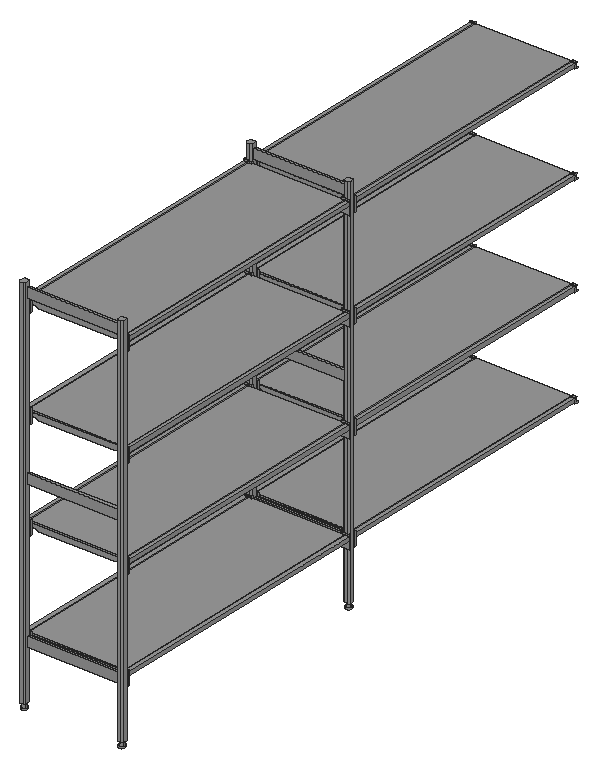
Revit family "QF_ELECTROLUXPROFESSIONAL_137087_CLS2548", category Attrezzature speciali, Revit 2020
Family settings
  Quota connettore circolare = Usa diametro
  Tipo di parte = Normale
  Basato su piano di lavoro = No
  Sempre verticale = Sì
  Taglio con vuoti quando caricato = No
  Condiviso = No
  Punto di calcolo locali = No
Parameters (values of type "Standard")
  Weight = 44.00 kg
  Watts = 0 W
  Volts = 0 V
  URL Manufacturer = "https://www.electroluxprofessional.com/"
  URL = "https://www.electroluxprofessional.com/"
  Steam Supply Size = 0 mm
  Steam Supply Minimum Pressure = 0.0 Pa
  Steam Supply Maximum Pressure = 0.0 Pa
  Steam Consumption per Hour = 0
  Refrigeration Suction Line Size = 0.0 mm
  Refrigeration Liquid Line Size = 0.0 mm
  Refrigerant Compressor Remote = yes
  Prospetto di default = 0.0 mm
  Phase = 0
  Modello = "CLS2548"
  Produttore = "Electrolux Professional"
  Length Actual = 2552.0 mm  # constant formula
  Item Number = "137087"
  Hot Water Size = 0 mm
  Height Actual = 1700.0 mm  # constant formula
  HP = "0 HP"
  Gas Size = 0 mm
  Gas KW = 0
  Gas Input Pressure = 0 W
  Direct Waste Size = 0 mm
  Descrizione = "ALUM.CORNER SHELV.-POLY.TIERS-475X2552MM"
  Depth Actual = 475.0 mm  # constant formula
  Cycle = 0 Hz
  Condensate Return Size = 0 mm
  Compressed Air Volume = 0.0 L/s
  Compressed Air Size = 0 mm
  Compressed Air Pressure = 0.0 Pa
  Cold Water Size = 0 mm
  Accessory = yes
Reference planes
  plane 1: z = 0
  plane 2 "CenterLeft": y = -535.5
  plane 3 "FRONT": y = -921.5
  plane 4 "LEFT": x = 192.5
  plane 5 "RIGHT": x = 667.5
  plane 6 "TOP": z = 1700
  plane 7: y = -889.5
  plane 8: y = 350.5
  plane 9 "Center (Left/Back)": x = 430
  plane 10: x = 256
  plane 11: x = 668
  plane 12 "FEET": z = 25
  plane 13: z = 275
  plane 14: z = 725
  plane 15: z = 1175
  plane 16: z = 1625
  plane 17 "CXLeft": y = -907.5
  plane 18 "Center (Front/Back)": y = 368.5
  plane 19 "CYFront": x = 510
  plane 20: y = 1626.5
  plane 21: y = 386.5
  plane 22 "BACK": y = 1630.5
  plane 23 "LEFT_ORIGIN": x = 158.5
  plane 24 "BACK_ORIGIN": y = 2105.5
Forms (mm)
  Extrusion 1, solid, material "QF_Aluminum"
    sketch origin (38.022, -921.5, -4.006) x (-1, 0, 0) y (0, 0, 1)
      loop
        line (-189.5, 1637.003) -> (-173.5, 1637.003) -> (-173.5, 1655) -> (-175.493, 1655) -> (-175.493, 1648.501) -> (-608.5, 1648.501) -> (-608.5, 1655) -> (-610.5, 1655) -> (-610.5, 1637.003) -> (-594.5, 1637.003) -> (-560.5, 1625) -> (-223.5, 1625) -> (-189.5, 1637.003)
      loop
        line (-189.5, 1187.003) -> (-173.5, 1187.003) -> (-173.5, 1205) -> (-175.493, 1205) -> (-175.493, 1198.501) -> (-608.5, 1198.501) -> (-608.5, 1205) -> (-610.5, 1205) -> (-610.5, 1187.003) -> (-594.5, 1187.003) -> (-560.5, 1175) -> (-223.5, 1175) -> (-189.5, 1187.003)
      loop
        line (-189.5, 737.003) -> (-173.5, 737.003) -> (-173.5, 755) -> (-175.493, 755) -> (-175.493, 748.501) -> (-608.5, 748.501) -> (-608.5, 755) -> (-610.5, 755) -> (-610.5, 737.003) -> (-594.5, 737.003) -> (-560.5, 725) -> (-223.5, 725) -> (-189.5, 737.003)
      loop
        line (-189.5, 287.003) -> (-173.5, 287.003) -> (-173.5, 305) -> (-175.493, 305) -> (-175.493, 298.501) -> (-608.5, 298.501) -> (-608.5, 305) -> (-610.5, 305) -> (-610.5, 287.003) -> (-594.5, 287.003) -> (-560.5, 275) -> (-223.5, 275) -> (-189.5, 287.003)
    from 37 to 32
  Extrusion 2, solid, material "QF_Aluminum"
    sketch origin (38.022, -921.5, 0) x (-1, 0, 0) y (0, 0, 1)
      loop
        line (-154.478, 246.005) -> (-154.478, 307.993) -> (-190.471, 307.993) -> (-190.471, 246.005) -> (-154.478, 246.005)
      loop
        line (-593.484, 246.005) -> (-593.484, 307.993) -> (-629.478, 307.993) -> (-629.478, 246.005) -> (-593.484, 246.005)
      loop
        line (-154.478, 696.005) -> (-154.478, 757.993) -> (-190.471, 757.993) -> (-190.471, 696.005) -> (-154.478, 696.005)
      loop
        line (-593.484, 696.005) -> (-593.484, 757.993) -> (-629.478, 757.993) -> (-629.478, 696.005) -> (-593.484, 696.005)
      loop
        line (-154.478, 1146.005) -> (-154.478, 1207.993) -> (-190.471, 1207.993) -> (-190.471, 1146.005) -> (-154.478, 1146.005)
      loop
        line (-593.484, 1146.005) -> (-593.484, 1207.993) -> (-629.478, 1207.993) -> (-629.478, 1146.005) -> (-593.484, 1146.005)
      loop
        line (-154.478, 1596.005) -> (-154.478, 1657.993) -> (-190.471, 1657.993) -> (-190.471, 1596.005) -> (-154.478, 1596.005)
      loop
        line (-593.484, 1596.005) -> (-593.484, 1657.993) -> (-629.478, 1657.993) -> (-629.478, 1596.005) -> (-593.484, 1596.005)
    from 28 to 32
  Extrusion 3, solid, material "QF_Aluminum"
    sketch origin (38.022, -921.5, 0) x (-1, 0, 0) y (0, 0, 1)
      loop
        line (-154.5, 1650.994) -> (-173.5, 1650.994) -> (-173.5, 1632.998) -> (-154.5, 1632.998) -> (-154.5, 1650.994)
      loop
        line (-154.5, 1200.994) -> (-173.5, 1200.994) -> (-173.5, 1182.998) -> (-154.5, 1182.998) -> (-154.5, 1200.994)
      loop
        line (-154.5, 750.994) -> (-173.5, 750.994) -> (-173.5, 732.998) -> (-154.5, 732.998) -> (-154.5, 750.994)
      loop
        line (-154.5, 300.994) -> (-173.5, 300.994) -> (-173.5, 282.998) -> (-154.5, 282.998) -> (-154.5, 300.994)
      loop
        line (-629.455, 1650.994) -> (-629.455, 1632.998) -> (-610.455, 1632.998) -> (-610.455, 1650.994) -> (-629.455, 1650.994)
      loop
        line (-629.455, 1200.994) -> (-629.455, 1182.998) -> (-610.455, 1182.998) -> (-610.455, 1200.994) -> (-629.455, 1200.994)
      loop
        line (-629.455, 750.994) -> (-629.455, 732.998) -> (-610.455, 732.998) -> (-610.455, 750.994) -> (-629.455, 750.994)
      loop
        line (-629.455, 300.994) -> (-629.455, 282.998) -> (-610.455, 282.998) -> (-610.455, 300.994) -> (-629.455, 300.994)
    from 32 to 1272
  Extrusion 4, solid, material "QF_Polyethylene"
    sketch origin (38.022, -921.5, 0) x (-1, 0, 0) y (0, 0, 1)
      loop
        line (-175.493, 1650.994) -> (-608.5, 1650.994) -> (-608.5, 1644.496) -> (-175.493, 1644.496) -> (-175.493, 1650.994)
      loop
        line (-175.493, 1200.994) -> (-608.5, 1200.994) -> (-608.5, 1194.496) -> (-175.493, 1194.496) -> (-175.493, 1200.994)
      loop
        line (-175.493, 750.994) -> (-608.5, 750.994) -> (-608.5, 744.496) -> (-175.493, 744.496) -> (-175.493, 750.994)
      loop
        line (-175.493, 300.994) -> (-608.5, 300.994) -> (-608.5, 294.496) -> (-175.493, 294.496) -> (-175.493, 300.994)
    from 32 to 1272
  Extrusion 5, solid, material "QF_Aluminum"
    sketch origin (38.022, 684.5, 0) x (-1, 0, 0) y (0, 0, 1)
      loop
        line (-154.5, 1650.994) -> (-173.5, 1650.994) -> (-173.5, 1632.998) -> (-154.5, 1632.998) -> (-154.5, 1650.994)
      loop
        line (-610.455, 1650.994) -> (-629.455, 1650.994) -> (-629.455, 1632.998) -> (-610.455, 1632.998) -> (-610.455, 1650.994)
      loop
        line (-154.5, 1200.994) -> (-173.5, 1200.994) -> (-173.5, 1182.998) -> (-154.5, 1182.998) -> (-154.5, 1200.994)
      loop
        line (-610.455, 1200.994) -> (-629.455, 1200.994) -> (-629.455, 1182.998) -> (-610.455, 1182.998) -> (-610.455, 1200.994)
      loop
        line (-154.5, 750.994) -> (-173.5, 750.994) -> (-173.5, 732.998) -> (-154.5, 732.998) -> (-154.5, 750.994)
      loop
        line (-610.455, 750.994) -> (-629.455, 750.994) -> (-629.455, 732.998) -> (-610.455, 732.998) -> (-610.455, 750.994)
      loop
        line (-154.5, 300.994) -> (-173.5, 300.994) -> (-173.5, 282.998) -> (-154.5, 282.998) -> (-154.5, 300.994)
      loop
        line (-610.455, 300.994) -> (-629.455, 300.994) -> (-629.455, 282.998) -> (-610.455, 282.998) -> (-610.455, 300.994)
    from 942 to -298
  Extrusion 6, solid, material "QF_Polyethylene"
    sketch origin (38.022, 684.5, 0) x (-1, 0, 0) y (0, 0, 1)
      loop
        line (-175.493, 1650.994) -> (-608.5, 1650.994) -> (-608.5, 1644.496) -> (-175.493, 1644.496) -> (-175.493, 1650.994)
      loop
        line (-175.493, 1200.994) -> (-608.5, 1200.994) -> (-608.5, 1194.496) -> (-175.493, 1194.496) -> (-175.493, 1200.994)
      loop
        line (-175.493, 750.994) -> (-608.5, 750.994) -> (-608.5, 744.496) -> (-175.493, 744.496) -> (-175.493, 750.994)
      loop
        line (-175.493, 300.994) -> (-608.5, 300.994) -> (-608.5, 294.496) -> (-175.493, 294.496) -> (-175.493, 300.994)
    from 942 to -298
Lines and regions (mm)
  symbolic lines
    curve 1: line (256, -912.5, 1700) -> (668, -912.5, 1700)
    curve 2: line (668, -902.5, 1700) -> (256, -902.5, 1700)
    curve 3: line (192.5, -893.5, 1700) -> (192.5, 354.5, 1700)
    curve 4: line (667.5, -889.5, 1700) -> (667.5, 350.5, 1700)
    curve 5: line (192.5, 382.5, 1700) -> (192.5, 1630.5, 1700)
    curve 6: line (667.5, 382.5, 1700) -> (667.5, 1630.5, 1700)
    curve 7: line (648.478, 350.5, 1700) -> (648.478, -889.5, 1700)
    curve 8: line (211.522, -889.5, 1700) -> (211.522, 350.5, 1700)
    curve 9: line (211.522, 386.5, 1700) -> (211.522, 1626.5, 1700)
    curve 10: line (648.478, 1626.5, 1700) -> (648.478, 386.5, 1700)
Dimensions and locks
  plane 3 "FRONT" to plane 2 "CenterLeft" = 386.0 mm
  locked: plane 6 "TOP" to level at 1700
  locked: plane 7 to plane 8 at 1240
  locked: plane 10 to plane 11 at 412
  plane 10 to plane 9 "Center (Left/Back)" to plane 11 = 174.0 mm, 238.0 mm
  equal spacing: plane 4 "LEFT", plane 9 "Center (Left/Back)", plane 5 "RIGHT"
  plane 12 "FEET" to level = 25.0 mm
  plane 6 "TOP" to plane 12 "FEET" = 1675.0 mm
  plane 13 to plane 12 "FEET" = 250.0 mm
  plane 14 to plane 13 = 450.0 mm
  plane 15 to plane 14 = 450.0 mm
  plane 16 to plane 15 = 450.0 mm
  locked: plane 21 to plane 20 at 1240
  locked: plane 8 to plane 18 "Center (Front/Back)" at 18
  locked: plane 18 "Center (Front/Back)" to plane 21 at 18
  locked: plane 3 "FRONT" to plane 7 at 32
  locked: plane 4 "LEFT" to plane 5 "RIGHT" at 475
  locked: plane 23 "LEFT_ORIGIN" to plane 5 "RIGHT" at 509
  locked: plane 22 "BACK" to plane 24 "BACK_ORIGIN" at 475
  locked: plane 22 "BACK" to plane 3 "FRONT" at 2552
  aligned and locked: level to plane 1
  aligned and locked: Extrusion 1 to plane 7
  aligned and locked: plane 7 to Extrusion 2
  aligned and locked: Extrusion 4 to plane 7
  aligned and locked: plane 8 to Extrusion 4
  aligned and locked: Extrusion 3 to plane 7
  aligned and locked: plane 8 to Extrusion 3
  aligned and locked: Extrusion 1 sketch curve to Extrusion 1 sketch curve  (x3)
  aligned and locked: Extrusion 5 sketch curve to Extrusion 5 sketch curve  (x2)
  aligned and locked: Extrusion 5 to plane 21  (x5)
  aligned and locked: Extrusion 6 to plane 21  (x5)
  aligned and locked: nested 2 to plane 18 "Center (Front/Back)"
  aligned and locked: plane 17 "CXLeft" to nested 1
  aligned and locked: plane 7 to Extrusion 3  (x3)
  aligned and locked: Extrusion 3 to plane 8  (x4)
  aligned and locked: Extrusion 4 to plane 8  (x4)
  aligned and locked: plane 20 to Extrusion 5
  aligned and locked: plane 20 to Extrusion 6
  aligned and locked: Extrusion 5 to plane 20  (x3)
  aligned and locked: Extrusion 6 to plane 20  (x3)
  aligned and locked: plane 9 "Center (Left/Back)" to nested 2
  aligned and locked: nested 3 to plane 22 "BACK"
Automatic sketch dimensions
  Extrusion 1 sketch curve to plane 19 "CYFront" = 138.522 mm  (x4)
  plane 11 to Extrusion 1 sketch curve = 35.478 mm  (x4)
  Extrusion 1 sketch curve to plane 13 = 4.006 mm
  Extrusion 1 sketch curve to Extrusion 1 sketch curve = 34.0 mm  (x4)
  Extrusion 1 sketch curve to plane 14 = 4.006 mm
  Extrusion 1 sketch curve to plane 15 = 4.006 mm
  Extrusion 1 sketch curve to plane 16 = 4.006 mm
  Extrusion 1 sketch curve to plane 10 = 5.522 mm  (x4)
  plane 10 to Extrusion 1 sketch curve = 28.478 mm  (x4)
  plane 13 to Extrusion 1 sketch curve = 7.998 mm  (x2)
  Extrusion 1 sketch curve to Extrusion 1 sketch curve = 11.498 mm  (x4)
  Extrusion 1 sketch curve to Extrusion 1 sketch curve = 6.499 mm  (x8)
  plane 14 to Extrusion 1 sketch curve = 7.998 mm  (x2)
  plane 15 to Extrusion 1 sketch curve = 7.998 mm  (x2)
  plane 16 to Extrusion 1 sketch curve = 7.998 mm  (x2)
  plane 5 "RIGHT" to Extrusion 2 sketch curve = 35.993 mm  (x4)
  Extrusion 2 sketch curve to plane 4 "LEFT" = 0.0 mm  (x4)
  plane 11 to Extrusion 2 sketch curve = 0.5 mm  (x4)
  plane 10 to Extrusion 2 sketch curve = 27.507 mm  (x4)
  Extrusion 2 sketch curve to plane 13 = 28.995 mm  (x2)
  plane 13 to Extrusion 2 sketch curve = 32.993 mm  (x2)
  Extrusion 2 sketch curve to plane 14 = 28.995 mm  (x2)
  plane 14 to Extrusion 2 sketch curve = 32.993 mm  (x2)
  Extrusion 2 sketch curve to plane 15 = 28.995 mm  (x2)
  plane 15 to Extrusion 2 sketch curve = 32.993 mm  (x2)
  Extrusion 2 sketch curve to plane 16 = 28.995 mm  (x2)
  plane 16 to Extrusion 2 sketch curve = 32.993 mm  (x2)
  plane 13 to Extrusion 4 sketch curve = 19.496 mm
  Extrusion 4 sketch curve to Extrusion 4 sketch curve = 6.499 mm  (x4)
  plane 14 to Extrusion 4 sketch curve = 19.496 mm
  plane 15 to Extrusion 4 sketch curve = 19.496 mm
  plane 16 to Extrusion 4 sketch curve = 19.496 mm
  plane 5 "RIGHT" to Extrusion 5 sketch curve = 0.022 mm  (x4)
  Extrusion 5 sketch curve to plane 4 "LEFT" = 19.022 mm  (x4)
  Extrusion 5 sketch curve to plane 19 "CYFront" = 138.478 mm  (x2)
  plane 13 to Extrusion 5 sketch curve = 7.998 mm  (x2)
  Extrusion 5 sketch curve to Extrusion 5 sketch curve = 17.997 mm  (x8)
  plane 14 to Extrusion 5 sketch curve = 7.998 mm  (x2)
  plane 15 to Extrusion 5 sketch curve = 7.998 mm  (x2)
  plane 16 to Extrusion 5 sketch curve = 7.998 mm  (x2)
  Extrusion 6 sketch curve to plane 19 "CYFront" = 136.522 mm  (x4)
  plane 13 to Extrusion 6 sketch curve = 19.496 mm
  Extrusion 6 sketch curve to Extrusion 6 sketch curve = 6.499 mm  (x4)
  plane 14 to Extrusion 6 sketch curve = 19.496 mm
  plane 15 to Extrusion 6 sketch curve = 19.496 mm
  plane 16 to Extrusion 6 sketch curve = 19.496 mm
  plane 5 "RIGHT" to Extrusion 3 sketch curve = 0.022 mm  (x4)
  Extrusion 3 sketch curve to Extrusion 3 sketch curve = 19.0 mm  (x4)
  plane 14 to Extrusion 3 sketch curve = 7.998 mm  (x2)
  plane 10 to Extrusion 3 sketch curve = 44.478 mm  (x4)
  Extrusion 3 sketch curve to plane 4 "LEFT" = 0.022 mm  (x4)
  plane 13 to Extrusion 3 sketch curve = 25.994 mm  (x2)
  plane 13 to Extrusion 3 sketch curve = 7.998 mm  (x2)
  Extrusion 3 sketch curve to Extrusion 3 sketch curve = 17.997 mm  (x6)
  plane 15 to Extrusion 3 sketch curve = 7.998 mm  (x2)
  plane 16 to Extrusion 3 sketch curve = 7.998 mm  (x2)
  plane 10 to Extrusion 1 sketch curve = 42.484 mm  (x4)
  plane 10 to Extrusion 1 sketch curve = 44.478 mm  (x2)
  Extrusion 1 sketch curve to Extrusion 1 sketch curve = 1.993 mm  (x2)
  plane 10 to Extrusion 4 sketch curve = 42.484 mm  (x4)
  Extrusion 5 sketch curve to plane 4 "LEFT" = 0.022 mm  (x4)
  plane 10 to Extrusion 6 sketch curve = 42.484 mm  (x4)
  Extrusion 1 sketch curve to Extrusion 1 sketch curve = 2.0 mm
  plane 5 "RIGHT" to Extrusion 4 sketch curve = 20.978 mm  (x4)
  curve 1 to plane 11 = 0.0 mm
  curve 1 to plane 10 = 0.0 mm
  curve 2 to plane 10 = 0.0 mm
  curve 2 to plane 11 = 0.0 mm
  curve 3 to plane 4 "LEFT" = 0.0 mm
  curve 4 to plane 5 "RIGHT" = 0.0 mm
  plane 7 to curve 4 = 0.0 mm
  plane 7 to curve 8 = 0.0 mm
  plane 8 to curve 8 = 0.0 mm
  plane 8 to curve 7 = 0.0 mm
  plane 8 to curve 4 = 0.0 mm
  curve 5 to plane 4 "LEFT" = 0.0 mm
  curve 6 to plane 5 "RIGHT" = 0.0 mm
  plane 20 to curve 9 = 0.0 mm
  plane 22 "BACK" to curve 5 = 0.0 mm
  plane 22 "BACK" to curve 6 = 0.0 mm
  plane 7 to curve 3 = 4.0 mm
  plane 17 "CXLeft" to curve 2 = 5.0 mm
  curve 1 to plane 17 "CXLeft" = 5.0 mm
  curve 3 to plane 8 = 4.0 mm
  curve 6 to plane 21 = 4.0 mm
  curve 9 to plane 4 "LEFT" = 19.022 mm
  curve 8 to plane 4 "LEFT" = 19.022 mm
  curve 9 to plane 21 = 0.0 mm
  plane 21 to curve 10 = 0.0 mm
  curve 5 to plane 21 = 4.0 mm
  plane 7 to curve 7 = 0.0 mm
  curve 4 to curve 7 = 19.022 mm
  plane 20 to curve 10 = 0.0 mm
  plane 5 "RIGHT" to curve 10 = 19.022 mm
Nested families
  nested 1: "WT_Anta475" at (215.5, -504.5, 0) x (0, 1, 0) z (0, 0, 1), type "WT_Anta475"
  nested 2: "WT_Anta475Center" at (215.5, 771.5, 0) x (0, 1, 0) z (0, 0, 1), type "WT_Anta475Center"
  nested 3: "WT_Aggancio475" at (215.5, 2038.5, 0) x (0, 1, 0) z (0, 0, 1), type "WT_Aggancio475"
Definition of nested family "WT_Anta475"
  Parameters
    WidthLeft = A + 64.0 mm  # 772.0 mm
    Width = 1606.0 mm
    Right = WidthLeft / 2  # 386.0 mm
    Default Elevation = 0.0 mm
    Left = -WidthLeft / 2  # -386.0 mm
    Height = 1725.0 mm
    FEET = 25.0 mm
    E = 0.0 mm
    Dint = Depth - 63.0 mm  # 412.0 mm
    Dext = Depth - 8.0 mm  # 467.0 mm
    Depth = 475.0 mm
    DX = (WidthLeft - A) / 2  # 32.0 mm
    B = 798.0 mm
    A = 708.0 mm
  Reference planes
    plane 1: z = 0
    plane 2 "LEFT": x = -417
    plane 3 "BACK": y = 23
    plane 4 "FRONT": y = -452
    plane 5 "TOP": z = 1725
    plane 6 "Center (Front/Back)": y = -214.5
    plane 7: y = -8.5
    plane 8: y = -420.5
    plane 9 "FEET": z = 25
    plane 10: z = 275
    plane 11: z = 725
    plane 12: z = 1175
    plane 13: z = 1625
    plane 14 "CXLeft": x = -403
    plane 15: y = 5.5
    plane 16 "CYBack": y = 5.5
    plane 17 "CYFront": y = -434.5
    plane 18: x = -385.031
    plane 19: x = -380.031
  Forms (mm)
    Extrusion 1, solid
      sketch origin (0, 0, 0) x (1, 0, 0) y (0, 1, 0)
        loop
          line (-417, 13.246) -> (-417, -2.246) -> (-410.746, -8.5) -> (-395.254, -8.5) -> (-389, -2.246) -> (-389, 13.246) -> (-395.254, 19.5) -> (-410.746, 19.5) -> (-417, 13.246)
      from 1725 to 25
    Extrusion 2, solid
      sketch origin (-417, 0, 0) x (0, 1, 0) y (0, 0, 1)
        loop
          line (23, 246.005) -> (23, 307.993) -> (-12.993, 307.993) -> (-12.993, 246.005) -> (23, 246.005)
        loop
          line (-452, 246.005) -> (-416.007, 246.005) -> (-416.007, 307.993) -> (-452, 307.993) -> (-452, 246.005)
        loop
          line (23, 696.005) -> (23, 757.993) -> (-12.993, 757.993) -> (-12.993, 696.005) -> (23, 696.005)
        loop
          line (-452, 696.005) -> (-416.007, 696.005) -> (-416.007, 757.993) -> (-452, 757.993) -> (-452, 696.005)
        loop
          line (23, 1146.005) -> (23, 1207.993) -> (-12.993, 1207.993) -> (-12.993, 1146.005) -> (23, 1146.005)
        loop
          line (-452, 1146.005) -> (-416.007, 1146.005) -> (-416.007, 1207.993) -> (-452, 1207.993) -> (-452, 1146.005)
        loop
          line (23, 1596.005) -> (23, 1657.993) -> (-12.993, 1657.993) -> (-12.993, 1596.005) -> (23, 1596.005)
        loop
          line (-452, 1596.005) -> (-416.007, 1596.005) -> (-416.007, 1657.993) -> (-452, 1657.993) -> (-452, 1596.005)
      from 28 to 32
    Revolve 3, solid
      sketch origin (-403, 0, 0) x (0, 1, 0) y (0, 0, 1)
        loop
          line (5.5, 25) -> (5.5, 0) -> (19, 0) -> (19, 5) -> (14, 5) -> (14, 25) -> (5.5, 25)
        axis (5.5, 25) -> (5.5, 0)
      angle from 0 to 360
    Extrusion 4, solid
      sketch origin (-403, 0, 0) x (0, 1, 0) y (0, 0, 1)
        loop
          line (-8.5, 912.382) -> (-8.5, 957.374) -> (-420.5, 957.374) -> (-420.5, 912.382) -> (-8.5, 912.382)
        loop
          line (-8.5, 1662.244) -> (-8.5, 1707.236) -> (-420.5, 1707.236) -> (-420.5, 1662.244) -> (-8.5, 1662.244)
      from -5 to 5
    Revolve 5, solid
      sketch origin (-403, -627, 0) x (0, -1, 0) y (0, 0, 1)
        loop
          line (-192.5, 25) -> (-192.5, 0) -> (-179, 0) -> (-179, 5) -> (-184, 5) -> (-184, 25) -> (-192.5, 25)
        axis (-192.5, 25) -> (-192.5, 0)
      angle from 0 to 360
    Extrusion 6, solid
      sketch origin (0, -627, 0) x (1, 0, 0) y (0, 1, 0)
        loop
          line (-417, 184.754) -> (-410.746, 178.5) -> (-395.254, 178.5) -> (-389, 184.754) -> (-389, 200.246) -> (-395.254, 206.5) -> (-410.746, 206.5) -> (-417, 200.246) -> (-417, 184.754)
      from 1725 to 25
    Extrusion 7, solid
      sketch origin (-417.031, -0.022, 0) x (0, 1, 0) y (0, 0, -1)
        loop
          line (-12, -1632.998) -> (-46, -1620.994) -> (-383, -1620.994) -> (-417, -1632.998) -> (-433, -1632.998) -> (-433, -1650.994) -> (-431, -1650.994) -> (-431, -1644.496) -> (2.007, -1644.496) -> (2.007, -1650.994) -> (4, -1650.994) -> (4, -1632.998) -> (-12, -1632.998)
        loop
          line (-12, -1182.998) -> (-46, -1170.994) -> (-383, -1170.994) -> (-417, -1182.998) -> (-433, -1182.998) -> (-433, -1200.994) -> (-431, -1200.994) -> (-431, -1194.496) -> (2.007, -1194.496) -> (2.007, -1200.994) -> (4, -1200.994) -> (4, -1182.998) -> (-12, -1182.998)
        loop
          line (-12, -732.998) -> (-46, -720.994) -> (-383, -720.994) -> (-417, -732.998) -> (-433, -732.998) -> (-433, -750.994) -> (-431, -750.994) -> (-431, -744.496) -> (2.007, -744.496) -> (2.007, -750.994) -> (4, -750.994) -> (4, -732.998) -> (-12, -732.998)
        loop
          line (-12, -282.998) -> (-46, -270.994) -> (-383, -270.994) -> (-417, -282.998) -> (-433, -282.998) -> (-433, -300.994) -> (-431, -300.994) -> (-431, -294.496) -> (2.007, -294.496) -> (2.007, -300.994) -> (4, -300.994) -> (4, -282.998) -> (-12, -282.998)
      from -32 to -37
    Extrusion 8, solid
      sketch origin (-403, 0, -659.878) x (0, 1, 0) y (0, 0, 1)
        loop
          line (-8.5, 912.382) -> (-8.5, 957.374) -> (-420.5, 957.374) -> (-420.5, 912.382) -> (-8.5, 912.382)
        loop
          line (-8.5, 1572.382) -> (-8.5, 1617.374) -> (-420.5, 1617.374) -> (-420.5, 1572.382) -> (-8.5, 1572.382)
        loop
          line (-8.5, 2322.382) -> (-8.5, 2367.374) -> (-420.5, 2367.374) -> (-420.5, 2322.382) -> (-8.5, 2322.382)
      from -5 to 5
  Lines and regions (mm)
    symbolic lines
      curve 1: line (-408, -8.5, 1725) -> (-408, -420.5, 1725)
      curve 2: line (-398, -420.5, 1725) -> (-398, -8.5, 1725)
      curve 3: line (-395.254, -8.5, 1725) -> (-410.746, -8.5, 1725)
      curve 4: line (-417, -2.246, 1725) -> (-410.746, -8.5, 1725)
      curve 5: line (-417, 13.246, 1725) -> (-417, -2.246, 1725)
      curve 6: line (-410.746, 19.5, 1725) -> (-417, 13.246, 1725)
      curve 7: line (-395.254, 19.5, 1725) -> (-410.746, 19.5, 1725)
      curve 8: line (-389, 13.246, 1725) -> (-395.254, 19.5, 1725)
      curve 9: line (-395.254, -8.5, 1725) -> (-389, -2.246, 1725)
      curve 10: line (-395.254, -420.5, 1725) -> (-410.746, -420.5, 1725)
      curve 11: line (-417, -426.754, 1725) -> (-410.746, -420.5, 1725)
      curve 12: line (-410.746, -448.5, 1725) -> (-417, -442.246, 1725)
      curve 13: line (-395.254, -448.5, 1725) -> (-410.746, -448.5, 1725)
      curve 14: line (-389, -442.246, 1725) -> (-395.254, -448.5, 1725)
      curve 15: line (-395.254, -420.5, 1725) -> (-389, -426.754, 1725)
      curve 16: line (-389, -452, 1725) -> (-389, -416.007, 1725)
      curve 17: line (-389, -416.007, 1725) -> (-385, -416.007, 1725)
      curve 18: line (-389, 23, 1725) -> (-389, -12.993, 1725)
      curve 19: line (-389, -12.993, 1725) -> (-385, -12.993, 1725)
      curve 20: line (-417, -426.754, 1725) -> (-417, -442.246, 1725)
      curve 21: line (-385, -452, 1725) -> (-385, -416.007, 1725)
      curve 22: line (-385, -452, 1725) -> (-389, -452, 1725)
      curve 23: line (-385, 23, 1725) -> (-389, 23, 1725)
      curve 24: line (-385, -12.993, 1725) -> (-385, 23, 1725)
      curve 25: line (-385.031, -13.016, 1725) -> (-385.031, -416.029, 1725)
  Dimensions and locks
    "Height": plane 5 "TOP" to level
    "Depth": plane 3 "BACK" to plane 4 "FRONT"
    "Dint": plane 7 to plane 8
    equal spacing: plane 7, plane 6 "Center (Front/Back)", plane 8
    equal spacing: plane 3 "BACK", plane 6 "Center (Front/Back)", plane 4 "FRONT"
    plane 9 "FEET" to level = 25.0 mm
    plane 5 "TOP" to plane 9 "FEET" = 1700.0 mm
    plane 10 to plane 9 "FEET" = 250.0 mm
    plane 11 to plane 10 = 450.0 mm
    plane 12 to plane 11 = 450.0 mm
    plane 13 to plane 12 = 450.0 mm
    locked: plane 2 "LEFT" to plane 14 "CXLeft" at 14
    locked: plane 3 "BACK" to plane 16 "CYBack" at 17.5
    locked: plane 17 "CYFront" to plane 4 "FRONT" at 17.5
    locked: Revolve 3 sketch curve to Revolve 3 sketch curve at 8.5
    locked: Revolve 3 sketch curve to plane 16 "CYBack" at 13.5
    locked: Revolve 5 sketch curve to Revolve 5 sketch curve at 8.5
    aligned and locked: level to plane 1
    aligned and locked: curve 20 to Extrusion 6
    aligned and locked: plane 5 "TOP" to Extrusion 1
    aligned and locked: plane 5 "TOP" to Extrusion 6
    aligned and locked: Extrusion 7 sketch curve to Extrusion 7 sketch curve  (x3)
  Automatic sketch dimensions
    curve 16 to plane 4 "FRONT" = 0.0 mm
    curve 11 to plane 8 = 0.0 mm
    curve 9 to plane 7 = 0.0 mm
    curve 5 to plane 2 "LEFT" = 0.0 mm
    curve 23 to plane 3 "BACK" = 0.0 mm
    plane 4 "FRONT" to curve 13 = 3.5 mm
    curve 20 to plane 17 "CYFront" = 7.746 mm
    curve 20 to plane 8 = 6.254 mm
    plane 8 to curve 16 = 4.493 mm
    curve 24 to plane 18 = 0.031 mm
    curve 24 to plane 7 = 4.493 mm
    plane 7 to curve 5 = 6.254 mm
    curve 5 to plane 15 = 7.746 mm
    curve 6 to plane 3 "BACK" = 3.5 mm
    curve 21 to plane 18 = 0.031 mm
    plane 18 to curve 23 = 3.969 mm
    plane 18 to curve 16 = 3.969 mm
    curve 18 to curve 8 = 6.254 mm
    curve 18 to curve 3 = 6.254 mm
    curve 16 to curve 13 = 6.254 mm
    curve 16 to curve 15 = 6.254 mm
    plane 2 "LEFT" to curve 10 = 6.254 mm
    plane 2 "LEFT" to curve 7 = 6.254 mm
    plane 2 "LEFT" to curve 12 = 6.254 mm
    plane 2 "LEFT" to curve 3 = 6.254 mm
    curve 14 to plane 17 "CYFront" = 7.746 mm
    curve 15 to plane 8 = 6.254 mm
    plane 7 to curve 9 = 6.254 mm
    curve 8 to plane 15 = 7.746 mm
    curve 3 to curve 2 = 2.746 mm
    curve 1 to curve 10 = 2.746 mm
    Extrusion 1 sketch curve to plane 2 "LEFT" = 0.0 mm
    Extrusion 1 sketch curve to plane 7 = 0.0 mm
    plane 2 "LEFT" to Extrusion 1 sketch curve = 6.254 mm  (x2)
    plane 14 "CXLeft" to Extrusion 1 sketch curve = 7.746 mm  (x2)
    Extrusion 1 sketch curve to plane 3 "BACK" = 3.5 mm
    plane 18 to Extrusion 1 sketch curve = 3.969 mm
    plane 7 to Extrusion 1 sketch curve = 6.254 mm  (x2)
    Extrusion 1 sketch curve to plane 15 = 7.746 mm  (x2)
    Extrusion 2 sketch curve to plane 4 "FRONT" = 0.0 mm  (x4)
    Extrusion 2 sketch curve to plane 3 "BACK" = 0.0 mm  (x4)
    plane 8 to Extrusion 2 sketch curve = 4.493 mm  (x4)
    Extrusion 2 sketch curve to plane 7 = 4.493 mm  (x4)
    Extrusion 2 sketch curve to plane 10 = 28.995 mm  (x2)
    plane 10 to Extrusion 2 sketch curve = 32.993 mm  (x2)
    Extrusion 2 sketch curve to plane 11 = 28.995 mm  (x2)
    plane 11 to Extrusion 2 sketch curve = 32.993 mm  (x2)
    Extrusion 2 sketch curve to plane 12 = 28.995 mm  (x2)
    plane 12 to Extrusion 2 sketch curve = 32.993 mm  (x2)
    Extrusion 2 sketch curve to plane 13 = 28.995 mm  (x2)
    plane 13 to Extrusion 2 sketch curve = 32.993 mm  (x2)
    Revolve 3 sketch curve to plane 9 "FEET" = 0.0 mm  (x2)
    Revolve 3 sketch curve to plane 15 = 0.0 mm  (x2)
    Revolve 3 sketch curve to level = 0.0 mm
    level to Revolve 3 sketch curve = 5.0 mm
    Revolve 3 sketch curve to Revolve 3 sketch curve = 11.655 mm
    Extrusion 4 sketch curve to plane 8 = 0.0 mm  (x2)
    Extrusion 4 sketch curve to plane 7 = 0.0 mm  (x2)
    plane 11 to Extrusion 4 sketch curve = 187.382 mm
    Extrusion 4 sketch curve to Extrusion 4 sketch curve = 44.992 mm
    plane 13 to Extrusion 4 sketch curve = 37.244 mm
    Extrusion 4 sketch curve to plane 5 "TOP" = 17.764 mm
    Revolve 5 sketch curve to plane 9 "FEET" = 0.0 mm  (x2)
    Revolve 5 sketch curve to plane 17 "CYFront" = 0.0 mm  (x2)
    Revolve 5 sketch curve to level = 0.0 mm
    Revolve 5 sketch curve to plane 4 "FRONT" = 4.0 mm
    Revolve 5 sketch curve to Revolve 5 sketch curve = 5.0 mm
    level to Revolve 5 sketch curve = 11.655 mm
    Extrusion 6 sketch curve to plane 2 "LEFT" = 0.0 mm
    Extrusion 6 sketch curve to plane 8 = 0.0 mm
    Extrusion 6 sketch curve to plane 2 "LEFT" = 6.254 mm  (x2)
    Extrusion 6 sketch curve to plane 14 "CXLeft" = 7.746 mm  (x2)
    Extrusion 6 sketch curve to plane 4 "FRONT" = 3.5 mm
    Extrusion 6 sketch curve to plane 18 = 3.969 mm
    plane 8 to Extrusion 6 sketch curve = 6.254 mm  (x2)
    plane 17 "CYFront" to Extrusion 6 sketch curve = 7.746 mm  (x2)
    plane 17 "CYFront" to Extrusion 7 sketch curve = 1.478 mm  (x4)
    Extrusion 7 sketch curve to Extrusion 7 sketch curve = 2.0 mm
    plane 8 to Extrusion 7 sketch curve = 3.478 mm  (x4)
    Extrusion 7 sketch curve to plane 10 = 4.006 mm
    Extrusion 7 sketch curve to Extrusion 7 sketch curve = 34.0 mm  (x4)
    Extrusion 7 sketch curve to plane 11 = 4.006 mm
    Extrusion 7 sketch curve to plane 12 = 4.006 mm
    Extrusion 7 sketch curve to plane 13 = 4.006 mm
    Extrusion 7 sketch curve to plane 7 = 37.522 mm  (x4)
    Extrusion 7 sketch curve to plane 7 = 3.522 mm  (x4)
    plane 15 to Extrusion 7 sketch curve = 3.516 mm  (x4)
    plane 15 to Extrusion 7 sketch curve = 1.522 mm  (x4)
    plane 13 to Extrusion 7 sketch curve = 7.998 mm  (x2)
    Extrusion 7 sketch curve to Extrusion 7 sketch curve = 11.498 mm
    Extrusion 7 sketch curve to Extrusion 7 sketch curve = 6.499 mm  (x5)
    plane 12 to Extrusion 7 sketch curve = 25.994 mm  (x2)
    plane 12 to Extrusion 7 sketch curve = 7.998 mm  (x2)
    plane 11 to Extrusion 7 sketch curve = 25.994 mm  (x2)
    plane 11 to Extrusion 7 sketch curve = 7.998 mm  (x2)
    plane 10 to Extrusion 7 sketch curve = 25.994 mm  (x2)
    plane 10 to Extrusion 7 sketch curve = 7.998 mm  (x2)
    curve 25 to plane 18 = 0.0 mm
    plane 8 to curve 25 = 4.471 mm
    curve 25 to plane 7 = 4.516 mm
    Extrusion 8 sketch curve to plane 8 = 0.0 mm  (x3)
    Extrusion 8 sketch curve to plane 7 = 0.0 mm  (x3)
    Extrusion 8 sketch curve to plane 10 = 22.496 mm
    plane 10 to Extrusion 8 sketch curve = 22.496 mm
    plane 11 to Extrusion 8 sketch curve = 187.504 mm
    Extrusion 8 sketch curve to Extrusion 8 sketch curve = 44.992 mm
    plane 13 to Extrusion 8 sketch curve = 37.504 mm
    Extrusion 8 sketch curve to plane 5 "TOP" = 17.504 mm
Definition of nested family "WT_Anta475Center"
  Parameters
    WidthLeft = A + 64.0 mm  # 772.0 mm
    Width = 1606.0 mm
    Right = WidthLeft / 2  # 386.0 mm
    Default Elevation = 0.0 mm
    Left = -WidthLeft / 2  # -386.0 mm
    Height = 1725.0 mm
    FEET = 25.0 mm
    E = 0.0 mm
    Dint = Depth - 63.0 mm  # 412.0 mm
    Dext = Depth - 8.0 mm  # 467.0 mm
    Depth = 475.0 mm
    DX = (WidthLeft - A) / 2  # 32.0 mm
    B = 798.0 mm
    A = 708.0 mm
  Reference planes
    plane 1: z = 0
    plane 2 "L": x = -417
    plane 3 "BACK": y = 23
    plane 4 "FRONT": y = -452
    plane 5 "TOP": z = 1725
    plane 6 "Center (Front/Back)": y = -214.5
    plane 7: y = -8.5
    plane 8: y = -420.5
    plane 9 "FEET": z = 25
    plane 10: z = 275
    plane 11: z = 725
    plane 12: z = 1175
    plane 13: z = 1625
    plane 14 "CXLeft": x = -403
    plane 15: y = 5.5
    plane 16 "CYBack": y = 5.5
    plane 17 "CYFront": y = -434.5
    plane 18: x = -385.031
    plane 19 "RIGHT": x = -380.031
    plane 20: x = -420.969
    plane 21 "LEFT": x = -425.969
  Forms (mm)
    Extrusion 1, solid
      sketch origin (0, 0, 0) x (1, 0, 0) y (0, 1, 0)
        loop
          line (-417, 13.246) -> (-417, -2.246) -> (-410.746, -8.5) -> (-395.254, -8.5) -> (-389, -2.246) -> (-389, 13.246) -> (-395.254, 19.5) -> (-410.746, 19.5) -> (-417, 13.246)
      from 1725 to 25
    Extrusion 2, solid
      sketch origin (-417, 0, 0) x (0, 1, 0) y (0, 0, 1)
        loop
          line (23, 246.005) -> (23, 307.993) -> (-12.993, 307.993) -> (-12.993, 246.005) -> (23, 246.005)
        loop
          line (-452, 246.005) -> (-416.007, 246.005) -> (-416.007, 307.993) -> (-452, 307.993) -> (-452, 246.005)
        loop
          line (23, 696.005) -> (23, 757.993) -> (-12.993, 757.993) -> (-12.993, 696.005) -> (23, 696.005)
        loop
          line (-452, 696.005) -> (-416.007, 696.005) -> (-416.007, 757.993) -> (-452, 757.993) -> (-452, 696.005)
        loop
          line (23, 1146.005) -> (23, 1207.993) -> (-12.993, 1207.993) -> (-12.993, 1146.005) -> (23, 1146.005)
        loop
          line (-452, 1146.005) -> (-416.007, 1146.005) -> (-416.007, 1207.993) -> (-452, 1207.993) -> (-452, 1146.005)
        loop
          line (23, 1596.005) -> (23, 1657.993) -> (-12.993, 1657.993) -> (-12.993, 1596.005) -> (23, 1596.005)
        loop
          line (-452, 1596.005) -> (-416.007, 1596.005) -> (-416.007, 1657.993) -> (-452, 1657.993) -> (-452, 1596.005)
      from 28 to 32
    Revolve 3, solid
      sketch origin (-403, 0, 0) x (0, 1, 0) y (0, 0, 1)
        loop
          line (5.5, 25) -> (5.5, 0) -> (19, 0) -> (19, 5) -> (14, 5) -> (14, 25) -> (5.5, 25)
        axis (5.5, 25) -> (5.5, 0)
      angle from 0 to 360
    Extrusion 4, solid
      sketch origin (-403, 0, 0) x (0, 1, 0) y (0, 0, 1)
        loop
          line (-8.5, 912.382) -> (-8.5, 957.374) -> (-420.5, 957.374) -> (-420.5, 912.382) -> (-8.5, 912.382)
        loop
          line (-8.5, 1662.244) -> (-8.5, 1707.236) -> (-420.5, 1707.236) -> (-420.5, 1662.244) -> (-8.5, 1662.244)
      from -5 to 5
    Revolve 5, solid
      sketch origin (-403, -627, 0) x (0, -1, 0) y (0, 0, 1)
        loop
          line (-192.5, 25) -> (-192.5, 0) -> (-179, 0) -> (-179, 5) -> (-184, 5) -> (-184, 25) -> (-192.5, 25)
        axis (-192.5, 25) -> (-192.5, 0)
      angle from 0 to 360
    Extrusion 6, solid
      sketch origin (0, -627, 0) x (1, 0, 0) y (0, 1, 0)
        loop
          line (-417, 184.754) -> (-410.746, 178.5) -> (-395.254, 178.5) -> (-389, 184.754) -> (-389, 200.246) -> (-395.254, 206.5) -> (-410.746, 206.5) -> (-417, 200.246) -> (-417, 184.754)
      from 1725 to 25
    Extrusion 7, solid
      sketch origin (-417.031, -0.022, 0) x (0, 1, 0) y (0, 0, -1)
        loop
          line (-12, -1632.998) -> (-46, -1620.994) -> (-383, -1620.994) -> (-417, -1632.998) -> (-433, -1632.998) -> (-433, -1650.994) -> (-431, -1650.994) -> (-431, -1644.496) -> (2.007, -1644.496) -> (2.007, -1650.994) -> (4, -1650.994) -> (4, -1632.998) -> (-12, -1632.998)
        loop
          line (-12, -1182.998) -> (-46, -1170.994) -> (-383, -1170.994) -> (-417, -1182.998) -> (-433, -1182.998) -> (-433, -1200.994) -> (-431, -1200.994) -> (-431, -1194.496) -> (2.007, -1194.496) -> (2.007, -1200.994) -> (4, -1200.994) -> (4, -1182.998) -> (-12, -1182.998)
        loop
          line (-12, -732.998) -> (-46, -720.994) -> (-383, -720.994) -> (-417, -732.998) -> (-433, -732.998) -> (-433, -750.994) -> (-431, -750.994) -> (-431, -744.496) -> (2.007, -744.496) -> (2.007, -750.994) -> (4, -750.994) -> (4, -732.998) -> (-12, -732.998)
        loop
          line (-12, -282.998) -> (-46, -270.994) -> (-383, -270.994) -> (-417, -282.998) -> (-433, -282.998) -> (-433, -300.994) -> (-431, -300.994) -> (-431, -294.496) -> (2.007, -294.496) -> (2.007, -300.994) -> (4, -300.994) -> (4, -282.998) -> (-12, -282.998)
      from -32 to -37
    Extrusion 8, solid
      sketch origin (-403, 0, -659.878) x (0, 1, 0) y (0, 0, 1)
        loop
          line (-8.5, 912.382) -> (-8.5, 957.374) -> (-420.5, 957.374) -> (-420.5, 912.382) -> (-8.5, 912.382)
        loop
          line (-8.5, 1572.382) -> (-8.5, 1617.374) -> (-420.5, 1617.374) -> (-420.5, 1572.382) -> (-8.5, 1572.382)
        loop
          line (-8.5, 2322.382) -> (-8.5, 2367.374) -> (-420.5, 2367.374) -> (-420.5, 2322.382) -> (-8.5, 2322.382)
      from -5 to 5
    Extrusion 9, solid
      sketch origin (-389, 0, 0) x (0, 1, 0) y (0, 0, -1)
        loop
          line (23, -246.005) -> (-12.993, -246.005) -> (-12.993, -307.993) -> (23, -307.993) -> (23, -246.005)
        loop
          line (-452, -246.005) -> (-452, -307.993) -> (-416.007, -307.993) -> (-416.007, -246.005) -> (-452, -246.005)
        loop
          line (23, -696.005) -> (-12.993, -696.005) -> (-12.993, -757.993) -> (23, -757.993) -> (23, -696.005)
        loop
          line (-452, -696.005) -> (-452, -757.993) -> (-416.007, -757.993) -> (-416.007, -696.005) -> (-452, -696.005)
        loop
          line (23, -1146.005) -> (-12.993, -1146.005) -> (-12.993, -1207.993) -> (23, -1207.993) -> (23, -1146.005)
        loop
          line (-452, -1146.005) -> (-452, -1207.993) -> (-416.007, -1207.993) -> (-416.007, -1146.005) -> (-452, -1146.005)
        loop
          line (23, -1596.005) -> (-12.993, -1596.005) -> (-12.993, -1657.993) -> (23, -1657.993) -> (23, -1596.005)
        loop
          line (-452, -1596.005) -> (-452, -1657.993) -> (-416.007, -1657.993) -> (-416.007, -1596.005) -> (-452, -1596.005)
      from 28 to 32
    Extrusion 10, solid
      sketch origin (-388.969, -0.022, 0) x (0, 1, 0) y (0, 0, 1)
        loop
          line (-12, 1632.998) -> (4, 1632.998) -> (4, 1650.994) -> (2.007, 1650.994) -> (2.007, 1644.496) -> (-431, 1644.496) -> (-431, 1650.994) -> (-433, 1650.994) -> (-433, 1632.998) -> (-417, 1632.998) -> (-383, 1620.994) -> (-46, 1620.994) -> (-12, 1632.998)
        loop
          line (-12, 1182.998) -> (4, 1182.998) -> (4, 1200.994) -> (2.007, 1200.994) -> (2.007, 1194.496) -> (-431, 1194.496) -> (-431, 1200.994) -> (-433, 1200.994) -> (-433, 1182.998) -> (-417, 1182.998) -> (-383, 1170.994) -> (-46, 1170.994) -> (-12, 1182.998)
        loop
          line (-12, 732.998) -> (4, 732.998) -> (4, 750.994) -> (2.007, 750.994) -> (2.007, 744.496) -> (-431, 744.496) -> (-431, 750.994) -> (-433, 750.994) -> (-433, 732.998) -> (-417, 732.998) -> (-383, 720.994) -> (-46, 720.994) -> (-12, 732.998)
        loop
          line (-12, 282.998) -> (4, 282.998) -> (4, 300.994) -> (2.007, 300.994) -> (2.007, 294.496) -> (-431, 294.496) -> (-431, 300.994) -> (-433, 300.994) -> (-433, 282.998) -> (-417, 282.998) -> (-383, 270.994) -> (-46, 270.994) -> (-12, 282.998)
      from -32 to -37
  Lines and regions (mm)
    symbolic lines
      curve 1: line (-408, -8.5, 1725) -> (-408, -420.5, 1725)
      curve 2: line (-398, -420.5, 1725) -> (-398, -8.5, 1725)
      curve 3: line (-395.254, -8.5, 1725) -> (-410.746, -8.5, 1725)
      curve 4: line (-417, -2.246, 1725) -> (-410.746, -8.5, 1725)
      curve 5: line (-410.746, 19.5, 1725) -> (-417, 13.246, 1725)
      curve 6: line (-395.254, 19.5, 1725) -> (-410.746, 19.5, 1725)
      curve 7: line (-389, 13.246, 1725) -> (-395.254, 19.5, 1725)
      curve 8: line (-395.254, -8.5, 1725) -> (-389, -2.246, 1725)
      curve 9: line (-395.254, -420.5, 1725) -> (-410.746, -420.5, 1725)
      curve 10: line (-417, -426.754, 1725) -> (-410.746, -420.5, 1725)
      curve 11: line (-410.746, -448.5, 1725) -> (-417, -442.246, 1725)
      curve 12: line (-395.254, -448.5, 1725) -> (-410.746, -448.5, 1725)
      curve 13: line (-389, -442.246, 1725) -> (-395.254, -448.5, 1725)
      curve 14: line (-395.254, -420.5, 1725) -> (-389, -426.754, 1725)
      curve 15: line (-389, -452, 1725) -> (-389, -416.007, 1725)
      curve 16: line (-389, -416.007, 1725) -> (-385, -416.007, 1725)
      curve 17: line (-389, 23, 1725) -> (-389, -12.993, 1725)
      curve 18: line (-389, -12.993, 1725) -> (-385, -12.993, 1725)
      curve 19: line (-385, -452, 1725) -> (-385, -416.007, 1725)
      curve 20: line (-385, -452, 1725) -> (-389, -452, 1725)
      curve 21: line (-385, 23, 1725) -> (-389, 23, 1725)
      curve 22: line (-385, -12.993, 1725) -> (-385, 23, 1725)
      curve 23: line (-385.031, -13.016, 1725) -> (-385.031, -416.029, 1725)
      curve 24: line (-417, -452, 1725) -> (-417, -416.007, 1725)
      curve 25: line (-417, -416.007, 1725) -> (-421, -416.007, 1725)
      curve 26: line (-417, 23, 1725) -> (-417, -12.993, 1725)
      curve 27: line (-417, -12.993, 1725) -> (-421, -12.993, 1725)
      curve 28: line (-421, -452, 1725) -> (-421, -416.007, 1725)
      curve 29: line (-421, -452, 1725) -> (-417, -452, 1725)
      curve 30: line (-421, 23, 1725) -> (-417, 23, 1725)
      curve 31: line (-421, -12.993, 1725) -> (-421, 23, 1725)
      curve 32: line (-420.969, -13.016, 1725) -> (-420.969, -416.029, 1725)
  Dimensions and locks
    "Height": plane 5 "TOP" to level
    "Depth": plane 3 "BACK" to plane 4 "FRONT"
    "Dint": plane 7 to plane 8
    equal spacing: plane 7, plane 6 "Center (Front/Back)", plane 8
    equal spacing: plane 3 "BACK", plane 6 "Center (Front/Back)", plane 4 "FRONT"
    plane 9 "FEET" to level = 25.0 mm
    plane 5 "TOP" to plane 9 "FEET" = 1700.0 mm
    plane 10 to plane 9 "FEET" = 250.0 mm
    plane 11 to plane 10 = 450.0 mm
    plane 12 to plane 11 = 450.0 mm
    plane 13 to plane 12 = 450.0 mm
    locked: plane 3 "BACK" to plane 16 "CYBack" at 17.5
    locked: plane 17 "CYFront" to plane 4 "FRONT" at 17.5
    locked: Revolve 3 sketch curve to Revolve 3 sketch curve at 8.5
    locked: Revolve 3 sketch curve to plane 16 "CYBack" at 13.5
    locked: Revolve 5 sketch curve to Revolve 5 sketch curve at 8.5
    aligned and locked: level to plane 1
    aligned and locked: plane 5 "TOP" to Extrusion 1
    aligned and locked: plane 5 "TOP" to Extrusion 6
    aligned and locked: Extrusion 7 sketch curve to Extrusion 7 sketch curve  (x3)
    aligned and locked: Extrusion 10 sketch curve to Extrusion 10 sketch curve  (x3)
  Automatic sketch dimensions
    curve 15 to plane 4 "FRONT" = 0.0 mm
    curve 28 to plane 4 "FRONT" = 0.0 mm
    curve 9 to plane 8 = 0.0 mm
    curve 25 to plane 2 "L" = 0.0 mm
    curve 8 to plane 7 = 0.0 mm
    curve 17 to plane 3 "BACK" = 0.0 mm
    curve 30 to plane 3 "BACK" = 0.0 mm
    plane 4 "FRONT" to curve 11 = 3.5 mm
    curve 19 to plane 18 = 0.031 mm
    plane 8 to curve 19 = 4.493 mm
    plane 8 to curve 25 = 4.493 mm
    curve 27 to plane 20 = 0.031 mm
    curve 27 to plane 7 = 4.493 mm
    curve 17 to plane 7 = 4.493 mm
    curve 5 to plane 15 = 7.746 mm
    curve 7 to plane 3 "BACK" = 3.5 mm
    curve 18 to plane 18 = 0.031 mm
    plane 18 to curve 21 = 3.969 mm
    plane 18 to curve 20 = 3.969 mm
    curve 15 to curve 9 = 6.254 mm
    curve 17 to curve 7 = 6.254 mm
    curve 17 to curve 3 = 6.254 mm
    curve 15 to curve 12 = 6.254 mm
    plane 2 "L" to curve 12 = 6.254 mm
    plane 2 "L" to curve 4 = 6.254 mm
    plane 2 "L" to curve 10 = 6.254 mm
    plane 2 "L" to curve 5 = 6.254 mm
    curve 28 to plane 20 = 0.031 mm
    curve 13 to plane 17 "CYFront" = 7.746 mm
    curve 14 to plane 8 = 6.254 mm
    plane 7 to curve 8 = 6.254 mm
    curve 7 to plane 15 = 7.746 mm
    curve 9 to curve 2 = 2.746 mm
    curve 1 to curve 9 = 2.746 mm
    Extrusion 1 sketch curve to plane 2 "L" = 0.0 mm
    Extrusion 1 sketch curve to plane 7 = 0.0 mm
    plane 2 "L" to Extrusion 1 sketch curve = 6.254 mm  (x2)
    plane 14 "CXLeft" to Extrusion 1 sketch curve = 7.746 mm  (x2)
    Extrusion 1 sketch curve to plane 3 "BACK" = 3.5 mm
    plane 18 to Extrusion 1 sketch curve = 3.969 mm
    plane 7 to Extrusion 1 sketch curve = 6.254 mm  (x2)
    Extrusion 1 sketch curve to plane 15 = 7.746 mm  (x2)
    Extrusion 2 sketch curve to plane 4 "FRONT" = 0.0 mm  (x4)
    Extrusion 2 sketch curve to plane 3 "BACK" = 0.0 mm  (x4)
    plane 8 to Extrusion 2 sketch curve = 4.493 mm  (x4)
    Extrusion 2 sketch curve to plane 7 = 4.493 mm  (x4)
    Extrusion 2 sketch curve to plane 10 = 28.995 mm  (x2)
    plane 10 to Extrusion 2 sketch curve = 32.993 mm  (x2)
    Extrusion 2 sketch curve to plane 11 = 28.995 mm  (x2)
    plane 11 to Extrusion 2 sketch curve = 32.993 mm  (x2)
    Extrusion 2 sketch curve to plane 12 = 28.995 mm  (x2)
    plane 12 to Extrusion 2 sketch curve = 32.993 mm  (x2)
    Extrusion 2 sketch curve to plane 13 = 28.995 mm  (x2)
    plane 13 to Extrusion 2 sketch curve = 32.993 mm  (x2)
    Revolve 3 sketch curve to plane 9 "FEET" = 0.0 mm  (x2)
    Revolve 3 sketch curve to plane 15 = 0.0 mm  (x2)
    Revolve 3 sketch curve to level = 0.0 mm
    level to Revolve 3 sketch curve = 5.0 mm
    Revolve 3 sketch curve to Revolve 3 sketch curve = 11.655 mm
    Extrusion 4 sketch curve to plane 8 = 0.0 mm  (x2)
    Extrusion 4 sketch curve to plane 7 = 0.0 mm  (x2)
    plane 11 to Extrusion 4 sketch curve = 187.382 mm
    Extrusion 4 sketch curve to Extrusion 4 sketch curve = 44.992 mm
    plane 13 to Extrusion 4 sketch curve = 37.244 mm
    Extrusion 4 sketch curve to plane 5 "TOP" = 17.764 mm
    Revolve 5 sketch curve to plane 9 "FEET" = 0.0 mm  (x2)
    Revolve 5 sketch curve to plane 17 "CYFront" = 0.0 mm  (x2)
    Revolve 5 sketch curve to level = 0.0 mm
    Revolve 5 sketch curve to plane 4 "FRONT" = 4.0 mm
    Revolve 5 sketch curve to Revolve 5 sketch curve = 5.0 mm
    level to Revolve 5 sketch curve = 11.655 mm
    Extrusion 6 sketch curve to plane 2 "L" = 0.0 mm
    Extrusion 6 sketch curve to plane 8 = 0.0 mm
    Extrusion 6 sketch curve to plane 2 "L" = 6.254 mm  (x2)
    Extrusion 6 sketch curve to plane 14 "CXLeft" = 7.746 mm  (x2)
    Extrusion 6 sketch curve to plane 4 "FRONT" = 3.5 mm
    Extrusion 6 sketch curve to plane 18 = 3.969 mm
    plane 8 to Extrusion 6 sketch curve = 6.254 mm  (x2)
    plane 17 "CYFront" to Extrusion 6 sketch curve = 7.746 mm  (x2)
    plane 17 "CYFront" to Extrusion 7 sketch curve = 1.478 mm  (x4)
    Extrusion 7 sketch curve to Extrusion 7 sketch curve = 2.0 mm
    plane 8 to Extrusion 7 sketch curve = 3.478 mm  (x4)
    Extrusion 7 sketch curve to plane 10 = 4.006 mm
    Extrusion 7 sketch curve to Extrusion 7 sketch curve = 34.0 mm  (x4)
    Extrusion 7 sketch curve to plane 11 = 4.006 mm
    Extrusion 7 sketch curve to plane 12 = 4.006 mm
    Extrusion 7 sketch curve to plane 13 = 4.006 mm
    Extrusion 7 sketch curve to plane 7 = 37.522 mm  (x4)
    Extrusion 7 sketch curve to plane 7 = 3.522 mm  (x4)
    plane 15 to Extrusion 7 sketch curve = 3.516 mm  (x4)
    plane 15 to Extrusion 7 sketch curve = 1.522 mm  (x4)
    plane 13 to Extrusion 7 sketch curve = 7.998 mm  (x2)
    Extrusion 7 sketch curve to Extrusion 7 sketch curve = 11.498 mm
    Extrusion 7 sketch curve to Extrusion 7 sketch curve = 6.499 mm  (x5)
    plane 12 to Extrusion 7 sketch curve = 25.994 mm  (x2)
    plane 12 to Extrusion 7 sketch curve = 7.998 mm  (x2)
    plane 11 to Extrusion 7 sketch curve = 25.994 mm  (x2)
    plane 11 to Extrusion 7 sketch curve = 7.998 mm  (x2)
    plane 10 to Extrusion 7 sketch curve = 25.994 mm  (x2)
    plane 10 to Extrusion 7 sketch curve = 7.998 mm  (x2)
    curve 23 to plane 18 = 0.0 mm
    curve 32 to plane 20 = 0.0 mm
    plane 8 to curve 23 = 4.471 mm
    plane 8 to curve 32 = 4.471 mm
    curve 32 to plane 7 = 4.516 mm
    curve 23 to plane 7 = 4.516 mm
    Extrusion 8 sketch curve to plane 8 = 0.0 mm  (x3)
    Extrusion 8 sketch curve to plane 7 = 0.0 mm  (x3)
    Extrusion 8 sketch curve to plane 10 = 22.496 mm
    plane 10 to Extrusion 8 sketch curve = 22.496 mm
    plane 11 to Extrusion 8 sketch curve = 187.504 mm
    Extrusion 8 sketch curve to Extrusion 8 sketch curve = 44.992 mm
    plane 13 to Extrusion 8 sketch curve = 37.504 mm
    Extrusion 8 sketch curve to plane 5 "TOP" = 17.504 mm
    Extrusion 9 sketch curve to plane 4 "FRONT" = 0.0 mm  (x4)
    Extrusion 9 sketch curve to plane 3 "BACK" = 0.0 mm  (x4)
    plane 8 to Extrusion 9 sketch curve = 4.493 mm  (x4)
    Extrusion 9 sketch curve to plane 7 = 4.493 mm  (x4)
    plane 13 to Extrusion 9 sketch curve = 32.993 mm  (x2)
    Extrusion 9 sketch curve to plane 13 = 28.995 mm  (x2)
    plane 12 to Extrusion 9 sketch curve = 32.993 mm  (x2)
    Extrusion 9 sketch curve to plane 12 = 28.995 mm  (x2)
    plane 11 to Extrusion 9 sketch curve = 32.993 mm  (x2)
    Extrusion 9 sketch curve to plane 11 = 28.995 mm  (x2)
    plane 10 to Extrusion 9 sketch curve = 32.993 mm  (x2)
    Extrusion 9 sketch curve to plane 10 = 28.995 mm  (x2)
    plane 17 "CYFront" to Extrusion 10 sketch curve = 1.478 mm  (x4)
    Extrusion 10 sketch curve to Extrusion 10 sketch curve = 2.0 mm
    plane 8 to Extrusion 10 sketch curve = 3.478 mm  (x4)
    Extrusion 10 sketch curve to plane 10 = 4.006 mm
    Extrusion 10 sketch curve to Extrusion 10 sketch curve = 34.0 mm  (x4)
    Extrusion 10 sketch curve to plane 11 = 4.006 mm
    Extrusion 10 sketch curve to plane 12 = 4.006 mm
    Extrusion 10 sketch curve to plane 13 = 4.006 mm
    Extrusion 10 sketch curve to plane 7 = 37.522 mm  (x4)
    Extrusion 10 sketch curve to plane 7 = 3.522 mm  (x4)
    plane 15 to Extrusion 10 sketch curve = 3.516 mm  (x4)
    plane 15 to Extrusion 10 sketch curve = 1.522 mm  (x4)
    plane 10 to Extrusion 10 sketch curve = 7.998 mm  (x2)
    Extrusion 10 sketch curve to Extrusion 10 sketch curve = 11.498 mm  (x4)
    Extrusion 10 sketch curve to Extrusion 10 sketch curve = 6.499 mm  (x8)
    plane 11 to Extrusion 10 sketch curve = 7.998 mm  (x2)
    plane 12 to Extrusion 10 sketch curve = 7.998 mm  (x2)
    plane 13 to Extrusion 10 sketch curve = 7.998 mm  (x2)
    curve 4 to plane 2 "L" = 0.0 mm
    plane 7 to curve 4 = 6.254 mm
    curve 11 to plane 17 "CYFront" = 7.746 mm
    curve 10 to plane 8 = 6.254 mm
Definition of nested family "WT_Aggancio475"
  Parameters
    WidthLeft = A + 64.0 mm  # 772.0 mm
    Width = 1606.0 mm
    Right = WidthLeft / 2  # 386.0 mm
    Default Elevation = 0.0 mm
    Left = -WidthLeft / 2  # -386.0 mm
    Height = 1725.0 mm
    FEET = 25.0 mm
    E = 0.0 mm
    Dint = Depth - 63.0 mm  # 412.0 mm
    Dext = Depth - 8.0 mm  # 467.0 mm
    Depth = 475.0 mm
    DX = (WidthLeft - A) / 2  # 32.0 mm
    B = 798.0 mm
    A = 708.0 mm
  Reference planes
    plane 1: z = 0
    plane 2 "LEFT": x = -417
    plane 3 "BACK": y = 23
    plane 4 "FRONT": y = -452
    plane 5 "TOP": z = 1725
    plane 6 "Center (Front/Back)": y = -214.5
    plane 7: y = -8.5
    plane 8: y = -420.5
    plane 9 "FEET": z = 25
    plane 10: z = 275
    plane 11: z = 725
    plane 12: z = 1175
    plane 13: z = 1625
    plane 14: y = 5.5
    plane 15 "CYBack": y = 5.5
    plane 16 "CYFront": y = -434.5
  Forms (mm)
    Extrusion 1, solid
      sketch origin (-380, -0.022, 0) x (0, 1, 0) y (0, 0, 1)
        loop
          line (-12, 1632.998) -> (4, 1632.998) -> (4, 1650.994) -> (2.007, 1650.994) -> (2.007, 1644.496) -> (-431, 1644.496) -> (-431, 1650.994) -> (-433, 1650.994) -> (-433, 1632.998) -> (-417, 1632.998) -> (-383, 1620.994) -> (-46, 1620.994) -> (-12, 1632.998)
        loop
          line (-12, 1182.998) -> (4, 1182.998) -> (4, 1200.994) -> (2.007, 1200.994) -> (2.007, 1194.496) -> (-431, 1194.496) -> (-431, 1200.994) -> (-433, 1200.994) -> (-433, 1182.998) -> (-417, 1182.998) -> (-383, 1170.994) -> (-46, 1170.994) -> (-12, 1182.998)
        loop
          line (-12, 732.998) -> (4, 732.998) -> (4, 750.994) -> (2.007, 750.994) -> (2.007, 744.496) -> (-431, 744.496) -> (-431, 750.994) -> (-433, 750.994) -> (-433, 732.998) -> (-417, 732.998) -> (-383, 720.994) -> (-46, 720.994) -> (-12, 732.998)
        loop
          line (-12, 282.998) -> (4, 282.998) -> (4, 300.994) -> (2.007, 300.994) -> (2.007, 294.496) -> (-431, 294.496) -> (-431, 300.994) -> (-433, 300.994) -> (-433, 282.998) -> (-417, 282.998) -> (-383, 270.994) -> (-46, 270.994) -> (-12, 282.998)
      from -32 to -37
    Extrusion 2, solid
      sketch origin (-793.062, -324.754, 6.5) x (1, 0, 0) y (0, 0, 1)
        loop
          line (385.062, 1644.496) -> (385.062, 1647.496) -> (376.062, 1647.496) -> (376.062, 1620.994) -> (390.031, 1620.994) -> (390.031, 1626.496) -> (381.062, 1626.496) -> (381.062, 1644.496) -> (385.062, 1644.496)
        loop
          line (385.062, 1194.496) -> (385.062, 1197.496) -> (376.062, 1197.496) -> (376.062, 1170.994) -> (390.031, 1170.994) -> (390.031, 1176.496) -> (381.062, 1176.496) -> (381.062, 1194.496) -> (385.062, 1194.496)
        loop
          line (385.062, 744.496) -> (385.062, 747.496) -> (376.062, 747.496) -> (376.062, 720.994) -> (390.031, 720.994) -> (390.031, 726.496) -> (381.062, 726.496) -> (381.062, 744.496) -> (385.062, 744.496)
        loop
          line (385.062, 294.496) -> (385.062, 297.496) -> (376.062, 297.496) -> (376.062, 270.994) -> (390.031, 270.994) -> (390.031, 276.496) -> (381.062, 276.496) -> (381.062, 294.496) -> (385.062, 294.496)
      from 108.268 to 127.246
    Extrusion 3, solid
      sketch origin (-793.062, 32.754, 6.5) x (1, 0, 0) y (0, 0, 1)
        loop
          line (385.062, 1644.496) -> (385.062, 1647.496) -> (376.062, 1647.496) -> (376.062, 1620.994) -> (390.031, 1620.994) -> (390.031, 1626.496) -> (381.062, 1626.496) -> (381.062, 1644.496) -> (385.062, 1644.496)
        loop
          line (385.062, 1194.496) -> (385.062, 1197.496) -> (376.062, 1197.496) -> (376.062, 1170.994) -> (390.031, 1170.994) -> (390.031, 1176.496) -> (381.062, 1176.496) -> (381.062, 1194.496) -> (385.062, 1194.496)
        loop
          line (385.062, 744.496) -> (385.062, 747.496) -> (376.062, 747.496) -> (376.062, 720.994) -> (390.031, 720.994) -> (390.031, 726.496) -> (381.062, 726.496) -> (381.062, 744.496) -> (385.062, 744.496)
        loop
          line (385.062, 294.496) -> (385.062, 297.496) -> (376.062, 297.496) -> (376.062, 270.994) -> (390.031, 270.994) -> (390.031, 276.496) -> (381.062, 276.496) -> (381.062, 294.496) -> (385.062, 294.496)
      from 9.754 to 28.776
  Lines and regions (mm)
    symbolic lines
      curve 1: line (-412, -452, 0) -> (-408, -452, 0)
      curve 2: line (-412, -433.022, 0) -> (-412, -452, 0)
      curve 3: line (-408, -433.022, 0) -> (-412, -433.022, 0)
      curve 4: line (-408, -452, 0) -> (-408, -433.022, 0)
      curve 5: line (-412, 3.978, 0) -> (-408, 3.978, 0)
      curve 6: line (-412, 23, 0) -> (-412, 3.978, 0)
      curve 7: line (-408, 23, 0) -> (-412, 23, 0)
      curve 8: line (-408, 3.978, 0) -> (-408, 23, 0)
  Dimensions and locks
    "Height": plane 5 "TOP" to level
